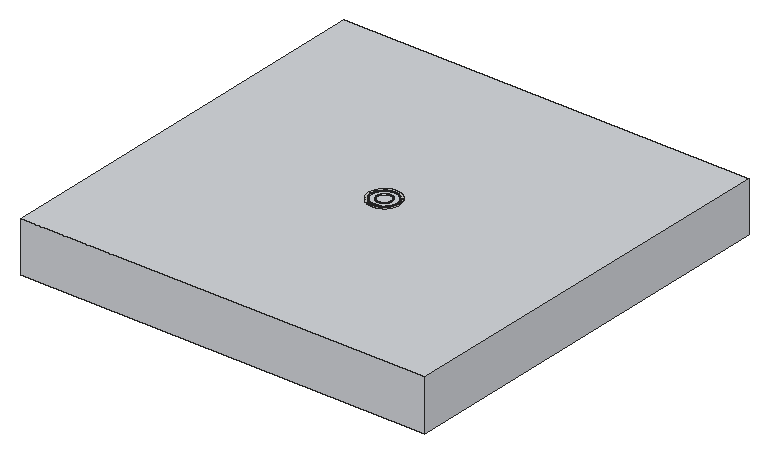
Revit family "LAMP_HANCE DOWNLIGHT RECESSED MEDIUM FLOOD 3000_4000 (DALI)", category Modelos genéricos, Revit 2015
Parameters (values of type "2744LM 4000K 3000 BLACK")
  Weight = 1.36 kg
  Aro 3000/4000 = yes
  Aro 1000/2000 = no
  Type = "COB PHILIPS"
  Tilting [instance] = if(Tilt < 0.00°, 180.00°, if(Tilt > 30.00°, 210.00°, Tilt + 180.00°))  # 180.00°
  Tilt [instance] = 0.00°
  Recessed diameter = 175 mm
  Protection rating = "IP20"
  Product datasheet = "http://www.lamp.es/product-files/TECH/HD1RE30MF840DBB-EN.pdf"
  Product code = "HD1RE30MF840DBB"
  Product URL = "https://www.lamp.es/en/family/hance-downlight_196363"
  Power Supply = "220-240V 50/60Hz"
  Power = 25 W
  Plum = 27.8 W
  Photometric web file = Cuerpo Hance BASE (tilting)_MF : 2744LM 4000K 3000 BLACK
  Modelo = Product code  # "HD1RE30MF840DBB"
  Model explanation = "Availability of tilting between 0º and 30º when placed in a project."
  Material interior aro = LAMP_Aluminio Hance Negro
  Material aro = LAMP_Aluminio Hance Negro
  Manufacturer name = "LAMP"
  Manufacturer country = "Spain"
  Manufacturer URL = "http://www.lamp.es/en"
  MacAdam = "3"
  Luminaire type = "Indoor - Recessed downlight"
  Last update = "22/11/2019"
  Lamp = "COB LED"
  LED Lifetime = "50.000 L80 B10"
  Insulation class = "II"
  Installation instructions = "https://www.lamp.es/product-files/INS/1004410-B-INSTR.%20DE%20MONTAJE%20HANCE%20DOWNLIGHT.pdf"
  Initial intensity = 2744 lm
  Initial color = 4000 K
  IEE = "A+"
  Gear = "Adjustable DALI"
  Finish = "Texturised black RAL 9011"
  Fabricante = Manufacturer name  # "LAMP"
  Default Elevation = 1219.2 mm
  Efficacy = 98.71 lm/W
  Radio aro exterior = 49 mm
  Diameter = 188 mm
  Descripción = "HANCE DOWN REC 3000 NW MFL DALI BK."
  Decorative ring [instance] = Aro decorativo 3000_4000 (tilting) : Black
  Comentarios de tipo = Model explanation  # "Availability of tilting between 0º and 30º when placed in a project."
  CRI = "80"
  Altura modulos = 145 mm
Types (8, lengths in mm): name | Product datasheet | Product code | Power | Plum | Photometric web file | Modelo | Material aro | Initial intensity | Initial color | Finish | Efficacy | Descripción
  2744LM 4000K 3000 BLACK | "http://www.lamp.es/product-files/TECH/HD1RE30MF840DBB-EN.pdf" | "HD1RE30MF840DBB" | 25 W | 27.8 W | Cuerpo Hance BASE (tilting)_MF : 2744LM 4000K 3000 BLACK | "HD1RE30MF840DBB" | LAMP_Aluminio Hance Negro | 2744 lm | 4000 K | "Texturised black RAL 9011" | 98.71 lm/W | "HANCE DOWN REC 3000 NW MFL DALI BK."
  2744LM 4000K 3000 WHITE | "http://www.lamp.es/product-files/TECH/HD1RE30MF840DBW-EN.pdf" | "HD1RE30MF840DBW" | 25 W | 27.8 W | Cuerpo Hance BASE (tilting)_MF : 2744LM 4000K 3000 WHITE | "HD1RE30MF840DBW" | LAMP_Aluminio Hance Blanco | 2744 lm | 4000 K | "Texturised white RAL 9010" | 98.71 lm/W | "HANCE DOWN REC 3000 NW MFL DALI WH."
  2816LM 3000K 3000 BLACK | "http://www.lamp.es/product-files/TECH/HD1RE30MF830DBB-EN.pdf" | "HD1RE30MF830DBB" | 25 W | 28.2 W | Cuerpo Hance BASE (tilting)_MF : 2816LM 3000K 3000 BLACK | "HD1RE30MF830DBB" | LAMP_Aluminio Hance Negro | 2816 lm | 3000 K | "Texturised black RAL 9011" | 99.85 lm/W | "HANCE DOWN REC 3000 WW MFL DALI BK."
  2816LM 3000K 3000 WHITE | "http://www.lamp.es/product-files/TECH/HD1RE30MF830DBW-EN.pdf" | "HD1RE30MF830DBW" | 25 W | 28.2 W | Cuerpo Hance BASE (tilting)_MF : 2816LM 3000K 3000 WHITE | "HD1RE30MF830DBW" | LAMP_Aluminio Hance Blanco | 2816 lm | 3000 K | "Texturised white RAL 9010" | 99.85 lm/W | "HANCE DOWN REC 3000 WW MFL DALI WH."
  3724LM 3000K 4000 BLACK | "http://www.lamp.es/product-files/TECH/HD1RE40MF830DBB-EN.pdf" | "HD1RE40MF830DBB" | 34 W | 37.6 W | Cuerpo Hance BASE (tilting)_MF : 3724LM 3000K 4000 BLACK | "HD1RE40MF830DBB" | LAMP_Aluminio Hance Negro | 3724 lm | 3000 K | "Texturised black RAL 9011" | 99.05 lm/W | "HANCE DOWN REC 4000 WW MFL DALI BK."
  3724LM 3000K 4000 WHITE | "http://www.lamp.es/product-files/TECH/HD1RE40MF830DBW-EN.pdf" | "HD1RE40MF830DBW" | 34 W | 37.6 W | Cuerpo Hance BASE (tilting)_MF : 3724LM 3000K 4000 WHITE | "HD1RE40MF830DBW" | LAMP_Aluminio Hance Blanco | 3724 lm | 3000 K | "Texturised white RAL 9010" | 99.05 lm/W | "HANCE DOWN REC 4000 WW MFL DALI WH."
  3875LM 4000K 4000 BLACK | "http://www.lamp.es/product-files/TECH/HD1RE40MF840DBB-EN.pdf" | "HD1RE40MF840DBB" | 34 W | 37.6 W | Cuerpo Hance BASE (tilting)_MF : 3875LM 4000K 4000 BLACK | "HD1RE40MF840DBB" | LAMP_Aluminio Hance Negro | 3875 lm | 4000 K | "Texturised black RAL 9011" | 103.06 lm/W | "HANCE DOWN REC 4000 NW MFL DALI BK."
  3875LM 4000K 4000 WHITE | "http://www.lamp.es/product-files/TECH/HD1RE40MF840DBW-EN.pdf" | "HD1RE40MF840DBW" | 34 W | 37.6 W | Cuerpo Hance BASE (tilting)_MF : 3875LM 4000K 4000 WHITE | "HD1RE40MF840DBW" | LAMP_Aluminio Hance Blanco | 3875 lm | 4000 K | "Texturised white RAL 9010" | 103.06 lm/W | "HANCE DOWN REC 4000 NW MFL DALI WH."
Reference planes
  plane 1 "Centro (Frontal/Posterior)": y = 0
  plane 2: z = 0
  plane 3 "Centro (Izquierda/Derecha)": x = 0
Forms (mm)
  Extrusion 1, solid
    sketch origin (0, 0, 0) x (1, 0, 0) y (0, 1, 0)
      loop
        line (-1219.2, 1219.2) -> (-1219.2, -1219.2) -> (1219.2, -1219.2) -> (1219.2, 1219.2) -> (-1219.2, 1219.2)
    from 0 to -304.8
  Revolve 2, solid, material "LAMP_Aluminio Hance Negro" <- "Material aro"
    sketch origin (0, 0, 0) x (1, 0, 0) y (0, 0, 1)
      loop
        line (94, 0) -> (94, 1) -> (79.1, 1) -> (79.1, -38.896) -> (87.1, -38.896) -> (87.1, -37.896) -> (81.6, -37.896) -> (81.6, 0) -> (94, 0)
      axis (0, 1) -> (0, -38.896)
    angle from 0 to 360
  Revolve 3, solid, material "LAMP_Aluminio Hance Negro" <- "Material interior aro", visible <- "Aro 3000/4000"
    sketch origin (0, 0, 0) x (1, 0, 0) y (0, 0, 1)
      loop
        arc (74.724, -0.646) -> (74.448, -1.016) -> (74.348, -1.466) r 1.1
        arc (74.348, -1.466) -> (72.204, -17.889) -> (66.127, -33.297) r 67.535
        arc (66.127, -33.297) -> (65.772, -33.665) -> (65.28, -33.8) r 0.965
        line (65.28, -33.8) -> (0, -33.8) -> (0, -34.8) -> (65.28, -34.8)
        arc (65.28, -34.8) -> (65.772, -34.665) -> (66.127, -34.297) r 0.965
        arc (66.127, -34.297) -> (72.204, -18.889) -> (74.348, -2.466) r 67.535
        arc (74.348, -2.466) -> (74.448, -2.016) -> (74.724, -1.646) r 1.1
        arc (74.724, -1.646) -> (76.762, -0.425) -> (79.1, 0) r 6.641
        line (79.1, 0) -> (79.1, 1)
        arc (79.1, 1) -> (76.762, 0.575) -> (74.724, -0.646) r 6.641
      axis (0, 1) -> (0, -34.8)
    angle from 0 to 360
  Extrusion 4, void
    sketch origin (0, 0, 0) x (1, 0, 0) y (0, 1, 0)
      loop
        line (22.671, 46.054) -> (-22.668, 46.054)
        arc (-22.668, 46.054) -> (-69.098, -0.376) -> (-22.668, -46.807) r 46.43
        line (-22.668, -46.807) -> (22.671, -46.807)
        arc (22.671, -46.807) -> (69.102, -0.376) -> (22.671, 46.054) r 46.43
    from -196.113 to 250
Cuts and joins
  Extrusion 4 cuts Revolve 3
Text (mm)
  text "Any modification of the parameters and properties of the LAMP BIM models must be executed and validated by the LAMP technical department.\n\nPhone: +34 93 736 68 00\n\nE-mail: lamp@lamp.es\n\n\n\nLAMP reserves the right to modify the technical specifications of its products." at (39771.841, -40794.867, 40621.237), in view "Preview"
Dimensions and locks
  aligned and locked: plane 2 to Extrusion 1
  aligned and locked: level to Extrusion 1
Nested families
  nested 1: "Aro decorativo 3000_4000 (tilting)" at (0, 0, -68.882) x (1, 0, 0) z (0, 0, -1), type <- "Decorative ring", type "Black"
    with Tilting 180.00°
  nested 2: "Cuerpo Hance BASE (tilting)_MF" at (0, 1.967, -51.662), type <- "Photometric web file", type "2744LM 4000K 3000 BLACK"
    with Tilting 180.00°
Definition of nested family "Aro decorativo 3000_4000 (tilting)"
  Parameters (values of type "Black")
    Weight (3000/4000) = 0.016 kg
    Weight (1000/2000) = 0.01 kg
    Tilting = 0.00°
    Product datasheet = ""
    Product code (3000/4000) = "HSRI90C"
    Product code (1000/2000) = "HSRI65C"
    Product URL = ""
    Model = ""
    Material aro = none
    Manufacturer name = "LAMP"
    Manufacturer country = "Spain"
    Manufacturer URL = "http://www.lamp.es/en"
    Longitud = 42.5 mm
    Last update = "21/05/2018"
    Installation instructions = ""
    Finish = "Metalized matt copper"
    Manufacturer = Manufacturer name  # "LAMP"
    Default Elevation = 1219.2 mm
    Diameter (3000/4000) = 90 mm
    Diameter (1000/2000) = 65 mm
    Description = ""
    Accessory Type = "Optic"
    3000/4000 Model = "HSRI90C"
    3000/4000 Description = "HANCE 3000/4000 ACC. RING DECO CO."
    1000/2000 Model = "HSRI65C"
    1000/2000 Description = "HANCE 1000/2000 ACC. RING DECO CO."
  Types (5, lengths in mm): name | Product code (3000/4000) | Product code (1000/2000) | Finish | 3000/4000 Model | 3000/4000 Description | 1000/2000 Model | 1000/2000 Description
    (no name) | "HSRI90C" | "HSRI65C" | "Metalized matt copper" | "HSRI90C" | "HANCE 3000/4000 ACC. RING DECO CO." | "HSRI65C" | "HANCE 1000/2000 ACC. RING DECO CO."
    Black | "HSRI90C" | "HSRI65C" | "Metalized matt copper" | "HSRI90C" | "HANCE 3000/4000 ACC. RING DECO CO." | "HSRI65C" | "HANCE 1000/2000 ACC. RING DECO CO."
    Copper | "HSRI90C" | "HSRI65C" | "Metalized matt copper" | "HSRI90C" | "HANCE 3000/4000 ACC. RING DECO CO." | "HSRI65C" | "HANCE 1000/2000 ACC. RING DECO CO."
    Grey | "HSRI90M" | "HSRI65M" | "Metalized matt silver" | "HSRI90M" | "HANCE 3000/4000 ACC. RING DECO MET." | "HSRI65M" | "HANCE 1000/2000 ACC. RING DECO MET."
    White | "HSRI90W" | "HSRI65W" | "Matt White" | "HSRI90W" | "HANCE 3000/4000 ACC. RING DECO WH." | "HSRI65W" | "HANCE 1000/2000 ACC. RING DECO WH."
  Reference planes
    plane 1 "Centro (Frontal/Posterior)": y = 0
    plane 2: z = 0
    plane 3 "Centro (Izquierda/Derecha)": x = 0
  Lines and regions (mm)
    reference lines
      curve 1: line (0, 0, 0) -> (0, 0, 80.8)
    model lines
      curve 2: line (68.747, 0, 0) -> (69.9, 0, 0)
  Text (mm)
    text "Any modification of the parameters and properties of the LAMP BIM models must be executed and validated by the LAMP technical department.\n\nPhone: +34 93 736 68 00\n\nE-mail: lamp@lamp.es\n\n\n\nLAMP reserves the right to modify the technical specifications of its products." at (86527.204, -96597.187, 50741.736), in view "Preview"
  Dimensions and locks
    "Tilting": angle curve 1 to plane 3 "Centro (Izquierda/Derecha)"
    aligned and locked: level to plane 2
    aligned and locked: plane 3 "Centro (Izquierda/Derecha)" to curve 1
    aligned and locked: plane 2 to curve 1
  Automatic sketch dimensions
    curve 2 to level = 0 mm
    plane 3 "Centro (Izquierda/Derecha)" to curve 2 = 68.747 mm
    curve 2 to curve 2 = 1.153 mm
  Nested families
    nested 1: "Aro decorativo 3000_4000" at (-27.9, 0, 17.2) x (0, 0, 1) z (-1, 0, 0), type "Copper"
  Definition of nested family "Aro decorativo 3000_4000"
    Parameters (values of type "Black")
      Weight (3000/4000) = 0.016 kg
      Weight (1000/2000) = 0.01 kg
      Product datasheet = ""
      Product code (3000/4000) = "HSRI90C"
      Product code (1000/2000) = "HSRI65C"
      Product URL = ""
      Model = ""
      Material aro = none
      Manufacturer name = "LAMP"
      Manufacturer country = "Spain"
      Manufacturer URL = "http://www.lamp.es/en"
      Longitud = 42.5 mm
      Last update = "21/05/2018"
      Installation instructions = ""
      Finish = "Metalized matt copper"
      Manufacturer = Manufacturer name  # "LAMP"
      Default Elevation = 1219.2 mm
      Diametro vaciado aro interior = if(Diametro aro interior = 35.4 mm, 34.4 mm, 21.9 mm)  # 34.4 mm
      Diametro vaciado aro exterior = if(Diametro aro exterior = 42.9 mm, 41.9 mm, 29.4 mm)  # 41.9 mm
      Diametro aro interior = if(Diametro aro exterior = 42.9 mm, 35.4 mm, 22.9 mm)  # 35.4 mm
      Diametro aro exterior = if(Longitud = 42.5 mm, 42.9 mm, 30.4 mm)  # 42.9 mm
      Diameter (3000/4000) = 90 mm
      Diameter (1000/2000) = 65 mm
      Description = ""
      Accessory Type = "Optic"
      3000/4000 Model = "HSRI90C"
      3000/4000 Description = "HANCE 3000/4000 ACC. RING DECO CO."
      1000/2000 Description = "HANCE 1000/2000 ACC. RING DECO CO."
      1000/2000 Model = "HSRI65C"
    Types (4, lengths in mm): name | Manufacturer URL
      Black | "http://www.lamp.es/en"
      Copper | "http://www.lamp.es/en"
      Grey | "http://www.lamp.es/en"
      White | ""
    Reference planes
      plane 1 "Centro (Frontal/Posterior)": y = 0
      plane 2: z = 0
      plane 3 "Centro (Izquierda/Derecha)": x = 0
    Forms (mm)
      Revolve 1, solid, material <- "Material aro"
        sketch origin (0, 0, -27.9) x (1, 0, 0) y (0, 0, 1)
          loop
            line (42.5, 0) -> (52.682, 0) -> (52.682, 42.9) -> (42.5, 35.4) -> (42.5, 0)
          axis (52.682, 0) -> (42.5, 0)
        angle from 0 to 360
      Revolve 2, void
        sketch origin (0, 0, -27.9) x (1, 0, 0) y (0, 0, 1)
          loop
            line (52.682, 41.9) -> (42.5, 34.4) -> (42.5, 0) -> (52.682, 0) -> (52.682, 41.9)
          axis (42.5, 0) -> (52.682, 0)
        angle from 0 to 360
    Cuts and joins
      Revolve 2 cuts Revolve 1
    Lines and regions (mm)
      reference lines
        curve 1: line (0, 0, -27.9) -> (42.5, 0, -27.9)
    Text (mm)
      text "Any modification of the parameters and properties of the LAMP BIM models must be executed and validated by the LAMP technical department.\n\nPhone: +34 93 736 68 00\n\nE-mail: lamp@lamp.es\n\n\n\nLAMP reserves the right to modify the technical specifications of its products." at (91886.357, -93022.329, 47898.266), in view "Preview"
    Dimensions and locks
      "Diametro aro exterior": Revolve 1 sketch curve to Revolve 1 sketch curve
      "Diametro vaciado aro exterior": Revolve 2 sketch curve to Revolve 2 sketch curve
      "Longitud": curve 1 to plane 3 "Centro (Izquierda/Derecha)"
      "Diametro aro interior": Revolve 1 sketch curve to Revolve 1 sketch curve
      "Diametro vaciado aro interior": Revolve 2 sketch curve to Revolve 2 sketch curve
      aligned and locked: level to plane 2
    Automatic sketch dimensions
      Revolve 1 sketch curve to curve 1 = 0 mm  (x4)
      curve 1 to Revolve 1 sketch curve = 10.182 mm
      Revolve 1 sketch curve to Revolve 1 sketch curve = 0 mm
      Revolve 2 sketch curve to curve 1 = 0 mm  (x3)
      curve 1 to Revolve 2 sketch curve = 10.182 mm
      Revolve 2 sketch curve to curve 1 = 1261.008 mm
      Revolve 2 sketch curve to Revolve 2 sketch curve = 1898.983 mm
      curve 1 to plane 3 "Centro (Izquierda/Derecha)" = 0 mm
      curve 1 to level = 27.9 mm
Definition of nested family "Cuerpo Hance BASE (tilting)_MF"
  Parameters (values of type "2744LM 4000K 3000 BLACK")
    Tilting = 90.00°
    Photometric web file = Cuerpo Hance BASE_MF : 2744LM 4000K 3000 BLACK
    Default Elevation = 1219.2 mm
  Types (17, lengths in mm): name | Photometric web file
    (no name) | Cuerpo Hance BASE_MF : 2744LM 4000K 3000 BLACK
    740LM 4000K 1000 BLACK | Cuerpo Hance BASE_MF : 740LM 4000K 1000 BLACK
    740LM 4000K 1000 WHITE | Cuerpo Hance BASE_MF : 740LM 4000K 1000 WHITE
    806LM 3000K 1000 BLACK | Cuerpo Hance BASE_MF : 806LM 3000K 1000 BLACK
    806LM 3000K 1000 WHITE | Cuerpo Hance BASE_MF : 806LM 3000K 1000 WHITE
    1606LM 4000K 2000 BLACK | Cuerpo Hance BASE_MF : 1606LM 4000K 2000 BLACK
    1606LM 4000K 2000 WHITE | Cuerpo Hance BASE_MF : 1606LM 4000K 2000 WHITE
    1760LM 3000K 2000 BLACK | Cuerpo Hance BASE_MF : 1760LM 3000K 2000 BLACK
    1760LM 3000K 2000 WHITE | Cuerpo Hance BASE_MF : 1760LM 3000K 2000 WHITE
    2744LM 4000K 3000 BLACK | Cuerpo Hance BASE_MF : 2744LM 4000K 3000 BLACK
    2744LM 4000K 3000 WHITE | Cuerpo Hance BASE_MF : 2744LM 4000K 3000 WHITE
    2816LM 3000K 3000 BLACK | Cuerpo Hance BASE_MF : 2816LM 3000K 3000 BLACK
    2816LM 3000K 3000 WHITE | Cuerpo Hance BASE_MF : 2816LM 3000K 3000 WHITE
    3724LM 3000K 4000 BLACK | Cuerpo Hance BASE_MF : 3724LM 3000K 4000 BLACK
    3724LM 3000K 4000 WHITE | Cuerpo Hance BASE_MF : 3724LM 3000K 4000 WHITE
    3875LM 4000K 4000 BLACK | Cuerpo Hance BASE_MF : 3875LM 4000K 4000 BLACK
    3875LM 4000K 4000 WHITE | Cuerpo Hance BASE_MF : 3875LM 4000K 4000 WHITE
  Reference planes
    plane 1 "Centro (Frontal/Posterior)": y = 0
    plane 2: z = 0
    plane 3 "Centro (Izquierda/Derecha)": x = 0
  Lines and regions (mm)
    reference lines
      curve 1: line (0, 0, 0) -> (200, 0, 0)
  Dimensions and locks
    "Tilting": angle plane 3 "Centro (Izquierda/Derecha)" to curve 1
    aligned and locked: level to plane 2
    aligned and locked: plane 3 "Centro (Izquierda/Derecha)" to curve 1
    aligned and locked: plane 2 to curve 1
  Nested families
    nested 1: "Cuerpo Hance BASE_MF" at (-50.338, -1.967, 27.875), type <- "Photometric web file", type "2744LM 4000K 3000 BLACK"
  Definition of nested family "Cuerpo Hance BASE_MF"
    Parameters (values of type "740LM 4000K 1000 BLACK")
      Tilt Angle = 90.00° + Tilting  # 180.00°
      Wattage = 7.6 W
      Tilting = 90.00°
      built-in parameter 1150107 = 4000 (stored number, unit not read)
      Radio vacio posterior = Radio cuerpo - 2.2 mm  # 30.3 mm
      Radio vaciado = Radio cuerpo - 1.5 mm  # 31 mm
      Radio cuerpo = if(Longitud cuerpo = 145 mm, 45 mm, 32.5 mm)  # 32.5 mm
      built-in parameter 1150110 = 1 (stored number, unit not read)
      built-in parameter 1150109 = 1 (stored number, unit not read)
      built-in parameter 1150112 = 1 (stored number, unit not read)
      built-in parameter 1150113 = 1 (stored number, unit not read)
      built-in parameter 1114218 = 1 (stored number, unit not read)
      built-in parameter 1150137 = (empty or 0)
      built-in parameter 1150132 = 2
      Material reflector = none
      Material cuerpo = none
      Material COB = none
      Longitud cuerpo = 100 mm
      Long. origen luz = if(Longitud cuerpo = 100 mm, 20 mm, if(Longitud cuerpo = 170 mm, 55 mm, 90 mm))  # 20 mm
      L_3 = if(Ancho disipador posterior = 80.4 mm, 39.6 mm, 12 mm)  # 12 mm
      L_2 = if(Ancho disipador posterior = 80.4 mm, 36.3 mm, 22.6 mm)  # 22.6 mm
      L_1 = if(Ancho disipador posterior = 80.4 mm, 36.8 mm, 25.4 mm)  # 25.4 mm
      built-in parameter 1150105 = 2444 (stored number, unit not read)
      built-in parameter 1150102 = (empty or 0)
      built-in parameter 1150106 = 24.44 (stored number, unit not read)
      Lumens = 740.012 lm
      Color Filter = 16777215
      built-in parameter 1114217 = 1 (stored number, unit not read)
      built-in parameter 1150139 = (empty or 0)
      Default Elevation = 1219.2 mm
      built-in parameter 1150104 = 9.046 (stored number, unit not read)
      Diametro aro = if(Radio cuerpo = 45 mm, 42.9 mm, 30.4 mm)  # 30.4 mm
      built-in parameter 1150115 = 1 (stored number, unit not read)
      built-in parameter 1150114 = 1 (stored number, unit not read)
      built-in parameter 1150138 = (empty or 0)
      built-in parameter 1150134 = 12
      Dimming Lamp Color Temperature Shift = (empty or 0)
      Photometric Web File = "HD1RE10MF840NBB.IES"
      Ancho vaciado reflector = if(Radio cuerpo = 45 mm, 34.4 mm, 21.9 mm)  # 21.9 mm
      Ancho reflector = if(Radio cuerpo = 45 mm, 35.4 mm, 22.9 mm)  # 22.9 mm
      Ancho disipador posterior = if(Radio cuerpo = 32.5 mm, 53 mm, 80.4 mm)  # 53 mm
      built-in parameter 1150133 = 10 (stored number, unit not read)
      Altura disipador superior = if(Radio cuerpo = 45 mm, 23.9 mm, 36.9 mm)  # 36.9 mm
      Ancho disipador superior = if(Radio cuerpo = 45 mm, 28 mm, 22.6 mm)  # 22.6 mm
    Types (16, lengths in mm): name | Wattage | built-in parameter 1150107 | Radio vacio posterior | Radio vaciado | Radio cuerpo | Longitud cuerpo | Long. origen luz | L_3 | L_2 | L_1 | built-in parameter 1150105 | built-in parameter 1150106 | Lumens | built-in parameter 1150104 | Diametro aro | built-in parameter 1150134 | Photometric Web File | Ancho vaciado reflector | Ancho reflector | Ancho disipador posterior | Altura disipador superior | Ancho disipador superior
      740LM 4000K 1000 BLACK | 7.6 W | 4000 (stored number, unit not read) | 30.3 | 31 | 32.5 | 100 | 20 | 12 | 22.6 | 25.4 | 2444 (stored number, unit not read) | 24.44 (stored number, unit not read) | 740.012 lm | 9.046 (stored number, unit not read) | 30.4 | 12 | "HD1RE10MF840NBB.IES" | 21.9 | 22.9 | 53 | 36.9 | 22.6
      740LM 4000K 1000 WHITE | 7.6 W | 4000 (stored number, unit not read) | 30.3 | 31 | 32.5 | 100 | 20 | 12 | 22.6 | 25.4 | 2444 (stored number, unit not read) | 24.44 (stored number, unit not read) | 740.012 lm | 9.046 (stored number, unit not read) | 30.4 | 12 | "HD1RE10MF840NBW.IES" | 21.9 | 22.9 | 53 | 36.9 | 22.6
      806LM 3000K 1000 BLACK | 7.7 W | 3000 (stored number, unit not read) | 30.3 | 31 | 32.5 | 100 | 20 | 12 | 22.6 | 25.4 | 2662.5 (stored number, unit not read) | 26.625 (stored number, unit not read) | 806.19 lm | 9.7269 (stored number, unit not read) | 30.4 | (empty or 0) | "HD1RE10MF830NBB.IES" | 21.9 | 22.9 | 53 | 36.9 | 22.6
      806LM 3000K 1000 WHITE | 7.7 W | 3000 (stored number, unit not read) | 30.3 | 31 | 32.5 | 100 | 20 | 12 | 22.6 | 25.4 | 2662.5 (stored number, unit not read) | 26.625 (stored number, unit not read) | 806.19 lm | 9.7269 (stored number, unit not read) | 30.4 | (empty or 0) | "HD1RE10MF830NBW.IES" | 21.9 | 22.9 | 53 | 36.9 | 22.6
      1606LM 4000K 2000 BLACK | 20.6 W | 4000 (stored number, unit not read) | 30.3 | 31 | 32.5 | 100 | 20 | 12 | 22.6 | 25.4 | 5303.9 (stored number, unit not read) | 53.039 (stored number, unit not read) | 1605.98 lm | 7.2427 (stored number, unit not read) | 30.4 | 12 | "HD1RE20MF840NBB.IES" | 21.9 | 22.9 | 53 | 36.9 | 22.6
      1606LM 4000K 2000 WHITE | 20.6 W | 4000 (stored number, unit not read) | 30.3 | 31 | 32.5 | 100 | 20 | 12 | 22.6 | 25.4 | 5303.9 (stored number, unit not read) | 53.039 (stored number, unit not read) | 1605.98 lm | 7.2427 (stored number, unit not read) | 30.4 | 12 | "HD1RE20MF840NBW.IES" | 21.9 | 22.9 | 53 | 36.9 | 22.6
      1760LM 3000K 2000 BLACK | 20.7 W | 3000 (stored number, unit not read) | 30.3 | 31 | 32.5 | 100 | 20 | 12 | 22.6 | 25.4 | 5818.7 (stored number, unit not read) | 58.187 (stored number, unit not read) | 1759.71 lm | 7.8977 (stored number, unit not read) | 30.4 | (empty or 0) | "HD1RE20MF830NBB.IES" | 21.9 | 22.9 | 53 | 36.9 | 22.6
      1760LM 3000K 2000 WHITE | 20.7 W | 3000 (stored number, unit not read) | 30.3 | 31 | 32.5 | 100 | 20 | 12 | 22.6 | 25.4 | 5818.7 (stored number, unit not read) | 58.187 (stored number, unit not read) | 1759.71 lm | 7.8977 (stored number, unit not read) | 30.4 | (empty or 0) | "HD1RE20MF830NBW.IES" | 21.9 | 22.9 | 53 | 36.9 | 22.6
      2744LM 4000K 3000 BLACK | 27.8 W | 4000 (stored number, unit not read) | 42.8 | 43.5 | 45 | 145 | 90 | 39.6 | 36.3 | 36.8 | 9073.9 (stored number, unit not read) | 90.739 (stored number, unit not read) | 2744.14 lm | 9.1705 (stored number, unit not read) | 42.9 | 12 | "HD1RE30MF840NBB.IES" | 34.4 | 35.4 | 80.4 | 23.9 | 28
      2744LM 4000K 3000 WHITE | 27.8 W | 4000 (stored number, unit not read) | 42.8 | 43.5 | 45 | 145 | 90 | 39.6 | 36.3 | 36.8 | 9073.9 (stored number, unit not read) | 90.739 (stored number, unit not read) | 2744.14 lm | 9.1705 (stored number, unit not read) | 42.9 | 12 | "HD1RE30MF840NBW.IES" | 34.4 | 35.4 | 80.4 | 23.9 | 28
      2816LM 3000K 3000 BLACK | 28.2 W | 3000 (stored number, unit not read) | 42.8 | 43.5 | 45 | 145 | 90 | 39.6 | 36.3 | 36.8 | 12461.1 (stored number, unit not read) | 124.61 (stored number, unit not read) | 2815.77 lm | 9.2764 (stored number, unit not read) | 42.9 | (empty or 0) | "HD1RE30MF830NBB.IES" | 34.4 | 35.4 | 80.4 | 23.9 | 28
      2816LM 3000K 3000 WHITE | 28.2 W | 3000 (stored number, unit not read) | 42.8 | 43.5 | 45 | 145 | 90 | 39.6 | 36.3 | 36.8 | 12461.1 (stored number, unit not read) | 124.61 (stored number, unit not read) | 2815.77 lm | 9.2764 (stored number, unit not read) | 42.9 | (empty or 0) | "HD1RE30MF830NBW.IES" | 34.4 | 35.4 | 80.4 | 23.9 | 28
      3724LM 3000K 4000 BLACK | 37.6 W | 3000 (stored number, unit not read) | 42.8 | 43.5 | 45 | 145 | 90 | 39.6 | 36.3 | 36.8 | 16481.7 (stored number, unit not read) | 164.82 (stored number, unit not read) | 3724.28 lm | 9.202 (stored number, unit not read) | 42.9 | (empty or 0) | "HD1RE40MF830NBB.IES" | 34.4 | 35.4 | 80.4 | 23.9 | 28
      3724LM 3000K 4000 WHITE | 37.6 W | 3000 (stored number, unit not read) | 42.8 | 43.5 | 45 | 145 | 90 | 39.6 | 36.3 | 36.8 | 16481.7 (stored number, unit not read) | 164.82 (stored number, unit not read) | 3724.28 lm | 9.202 (stored number, unit not read) | 42.9 | (empty or 0) | "HD1RE40MF830NBW.IES" | 34.4 | 35.4 | 80.4 | 23.9 | 28
      3875LM 4000K 4000 BLACK | 37.6 W | 4000 (stored number, unit not read) | 42.8 | 43.5 | 45 | 145 | 90 | 39.6 | 36.3 | 36.8 | 15793 (stored number, unit not read) | 157.93 (stored number, unit not read) | 3875.06 lm | 9.5746 (stored number, unit not read) | 42.9 | 12 | "HD1RE40MF840NBB.IES" | 34.4 | 35.4 | 80.4 | 23.9 | 28
      3875LM 4000K 4000 WHITE | 37.6 W | 4000 (stored number, unit not read) | 42.8 | 43.5 | 45 | 145 | 90 | 39.6 | 36.3 | 36.8 | 15793 (stored number, unit not read) | 157.93 (stored number, unit not read) | 3875.06 lm | 9.5746 (stored number, unit not read) | 42.9 | 12 | "HD1RE40MF840NBW.IES" | 34.4 | 35.4 | 80.4 | 23.9 | 28
    Reference planes
      plane 1 "Centro (Frontal/Posterior)": y = 0
      plane 2: z = 0
      plane 3 "Centro (Izquierda/Derecha)": x = 0
    Forms (mm)
      Extrusion 1, solid, material <- "Material cuerpo"
        sketch origin (0, 0, 0) x (0, -1, 0) y (0, 0, 1)
          loop
            circle (0, -27.875) r 32.5
        from -58 to 42
      Extrusion 2, void
        sketch origin (0, 0, 0) x (0, 1, 0) y (0, 0, 1)
          loop
            line (11.3, 30) -> (-11.3, 30) -> (-11.3, -6.9)
            arc (-11.3, -6.9) -> (0, -7.855) -> (11.3, -6.9) r 67.349
            line (11.3, -6.9) -> (11.3, 30)
        from -42 to 9.4
      Extrusion 3, void
        sketch origin (0, 0, 0) x (0, 1, 0) y (0, 0, 1)
          loop
            circle (0, -27.875) r 30.3
        from -42 to -41
      Extrusion 4, void
        sketch origin (0, 0, 0) x (0, 1, 0) y (0, 0, 1)
          loop
            line (26.5, -26.291) -> (-26.5, -26.291)
            arc (-26.5, -26.291) -> (-27.7, -27.491) -> (-26.5, -28.691) r 1.2
            line (-26.5, -28.691) -> (26.5, -28.691)
            arc (26.5, -28.691) -> (27.7, -27.491) -> (26.5, -26.291) r 1.2
          loop
            line (26.115, -30.891) -> (-26.115, -30.891)
            arc (-26.115, -30.891) -> (-27.315, -32.091) -> (-26.115, -33.291) r 1.2
            line (-26.115, -33.291) -> (26.115, -33.291)
            arc (26.115, -33.291) -> (27.315, -32.091) -> (26.115, -30.891) r 1.2
          loop
            line (25.4, -35.55) -> (-24.915, -35.55)
            arc (-24.915, -35.55) -> (-26.115, -36.75) -> (-24.915, -37.95) r 1.2
            line (-24.915, -37.95) -> (25.4, -37.95)
            arc (25.4, -37.95) -> (26.6, -36.75) -> (25.4, -35.55) r 1.2
          loop
            line (22.6, -40.091) -> (-22.64, -40.091)
            arc (-22.64, -40.091) -> (-23.84, -41.291) -> (-22.64, -42.491) r 1.2
            line (-22.64, -42.491) -> (22.6, -42.491)
            arc (22.6, -42.491) -> (23.8, -41.291) -> (22.6, -40.091) r 1.2
          loop
            line (19.043, -44.691) -> (-19.086, -44.691)
            arc (-19.086, -44.691) -> (-20.286, -45.891) -> (-19.086, -47.091) r 1.2
            line (-19.086, -47.091) -> (19.043, -47.091)
            arc (19.043, -47.091) -> (20.243, -45.891) -> (19.043, -44.691) r 1.2
          loop
            line (15.357, -49.291) -> (-15.5, -49.291)
            arc (-15.5, -49.291) -> (-16.6, -50.391) -> (-15.5, -51.491) r 1.1
            line (-15.5, -51.491) -> (15.357, -51.491)
            arc (15.357, -51.491) -> (16.457, -50.391) -> (15.357, -49.291) r 1.1
          loop
            line (6, -53.691) -> (-6, -53.691)
            arc (-6, -53.691) -> (-7.1, -54.791) -> (-6, -55.891) r 1.1
            line (-6, -55.891) -> (6, -55.891)
            arc (6, -55.891) -> (7.1, -54.791) -> (6, -53.691) r 1.1
        from -42 to -38.7
      Extrusion 5, void
        sketch origin (0, 0, 0) x (-1, 0, 0) y (0, -1, 0)
          loop
            line (37.7, -9.12) -> (37.7, 9.12)
            arc (37.7, 9.12) -> (36.6, 10.22) -> (35.5, 9.12) r 1.1
            line (35.5, 9.12) -> (35.5, -9.12)
            arc (35.5, -9.12) -> (36.6, -10.22) -> (37.7, -9.12) r 1.1
          loop
            line (28.9, -9.12) -> (28.9, 9.12)
            arc (28.9, 9.12) -> (27.8, 10.22) -> (26.7, 9.12) r 1.1
            line (26.7, 9.12) -> (26.7, -9.12)
            arc (26.7, -9.12) -> (27.8, -10.22) -> (28.9, -9.12) r 1.1
          loop
            line (20.1, -9.12) -> (20.1, 9.12)
            arc (20.1, 9.12) -> (19, 10.22) -> (17.9, 9.12) r 1.1
            line (17.9, 9.12) -> (17.9, -9.12)
            arc (17.9, -9.12) -> (19, -10.22) -> (20.1, -9.12) r 1.1
        from -51.491 to 30
      Extrusion 6, void
        sketch origin (0, 0, 0) x (-1, 0, 0) y (0, -1, 0)
          loop
            line (33.3, -9.12) -> (33.3, 9.12)
            arc (33.3, 9.12) -> (32.2, 10.22) -> (31.1, 9.12) r 1.1
            line (31.1, 9.12) -> (31.1, -9.12)
            arc (31.1, -9.12) -> (32.2, -10.22) -> (33.3, -9.12) r 1.1
          loop
            line (24.5, -9.12) -> (24.5, 9.12)
            arc (24.5, 9.12) -> (23.4, 10.22) -> (22.3, 9.12) r 1.1
            line (22.3, 9.12) -> (22.3, -9.12)
            arc (22.3, -9.12) -> (23.4, -10.22) -> (24.5, -9.12) r 1.1
        from -8.232 to 30
      Extrusion 7, void
        sketch origin (0, 0, 0) x (0, 1, 0) y (0, 0, 1)
          loop
            circle (0, -27.875) r 31
        from 17.213 to 58
      Revolve 8, solid, material <- "Material reflector"
        sketch origin (0, 0, 0) x (1, 0, 0) y (0, 0, 1)
          loop
            line (25.5, -27.875) -> (45.818, -27.875) -> (45.818, -4.975) -> (25.5, -19.875) -> (25.5, -27.875)
          axis (25.5, -27.875) -> (45.818, -27.875)
        angle from 0 to 360
      Revolve 9, void
        sketch origin (0, 0, 0) x (1, 0, 0) y (0, 0, 1)
          loop
            line (45.818, -5.975) -> (26.5, -20.142) -> (25.5, -20.142) -> (25.5, -27.875) -> (26.5, -27.875) -> (45.818, -27.875) -> (45.818, -5.975)
          axis (45.818, -27.875) -> (25.5, -27.875)
        angle from 0 to 360
      Extrusion 10, solid, material <- "Material COB"
        sketch origin (0, 0, 0) x (0, -1, 0) y (0, 0, 1)
          loop
            circle (0, -27.875) r 7.733
        from -26.5 to -25.5
    Cuts and joins
      Extrusion 2, Extrusion 3, Extrusion 4, Extrusion 5, Extrusion 6, Extrusion 7 cuts Extrusion 1
      Revolve 9 cuts Revolve 8
    Lines and regions (mm)
      reference lines
        curve 1: line (0, 0, 0) -> (178.042, 0, 0)
        curve 2: line (93, 0, -27.875) -> (113, 0, -27.875)
        curve 3: line (0, 0, 0) -> (0, 0, -75)
        curve 4: line (93, 0, -22.875) -> (93, 0, -32.875)
    Text (mm)
      text "Any modification of the parameters and properties of the LAMP BIM models must be executed and validated by the LAMP technical department.\n\nPhone: +34 93 736 68 00\n\nE-mail: lamp@lamp.es\n\n\n\nLAMP reserves the right to modify the technical specifications of its products." at (97482.136, -81600.41, 57308.082), in view "Preview"
    Dimensions and locks
      locked: Revolve 9 sketch curve to cut or joined group of Extrusion 1, Extrusion 2, Extrusion 3, Extrusion 4, Extrusion 5, Extrusion 6, Extrusion 7 at 12.182
      "Longitud cuerpo": cut or joined group of Extrusion 1, Extrusion 2, Extrusion 3, Extrusion 4, Extrusion 5, Extrusion 6, Extrusion 7 to cut or joined group of Extrusion 1, Extrusion 2, Extrusion 3, Extrusion 4, Extrusion 5, Extrusion 6, Extrusion 7
      locked: cut or joined group of Extrusion 1, Extrusion 2, Extrusion 3, Extrusion 4, Extrusion 5, Extrusion 6, Extrusion 7 to curve 3 at 42
      locked: cut or joined group of Revolve 8, Revolve 9 to cut or joined group of Extrusion 1, Extrusion 2, Extrusion 3, Extrusion 4, Extrusion 5, Extrusion 6, Extrusion 7 at 12.182
      locked: cut or joined group of Revolve 8, Revolve 9 to cut or joined group of Revolve 8, Revolve 9 at 20.318
      locked: cut or joined group of Extrusion 1, Extrusion 2, Extrusion 3, Extrusion 4, Extrusion 5, Extrusion 6, Extrusion 7 to Extrusion 10 at 31.5
      locked: Extrusion 10 to Extrusion 10 at 1
      "Long. origen luz": curve 4 to curve 2
      equal spacing: Extrusion 4 sketch curve, plane 1 "Centro (Frontal/Posterior)", Extrusion 4 sketch curve  (x2)
      "Ancho disipador posterior": Extrusion 4 sketch curve to Extrusion 4 sketch curve
      "L_1": Extrusion 4 sketch curve to plane 1 "Centro (Frontal/Posterior)"
      "L_2": Extrusion 4 sketch curve to curve 3
      "L_3": Extrusion 4 sketch curve to Extrusion 4 sketch curve
      equal spacing: Extrusion 2 sketch curve, plane 1 "Centro (Frontal/Posterior)", Extrusion 2 sketch curve
      "Ancho disipador superior": Extrusion 2 sketch curve to Extrusion 2 sketch curve
      "Altura disipador superior": Extrusion 2 sketch curve to Extrusion 2 sketch curve
      locked: plane 2 to Extrusion 2 sketch curve at 30
      "Ancho reflector": Revolve 8 sketch curve to imposter light
      "Ancho vaciado reflector": Revolve 9 sketch curve to imposter light
      "Radio cuerpo": radius of Extrusion 1 sketch curve
      "Radio vaciado": radius of Extrusion 7 sketch curve
      "Radio vacio posterior": radius of Extrusion 3 sketch curve
      "Tilting": angle plane 3 "Centro (Izquierda/Derecha)" to curve 1
      aligned and locked: level to plane 2
      aligned and locked: imposter light to curve 2  (x2)
      aligned and locked: cut or joined group of Extrusion 1, Extrusion 2, Extrusion 3, Extrusion 4, Extrusion 5, Extrusion 6, Extrusion 7 to cut or joined group of Extrusion 1, Extrusion 2, Extrusion 3, Extrusion 4, Extrusion 5, Extrusion 6, Extrusion 7
    Automatic sketch dimensions
      curve 1 to Extrusion 5 sketch curve = 17.9 mm
      Extrusion 5 sketch curve to Extrusion 5 sketch curve = 1.1 mm  (x3)
      Extrusion 5 sketch curve to Extrusion 5 sketch curve = 6.6 mm  (x2)
      Extrusion 5 sketch curve to curve 1 = 9.12 mm  (x2)
      Extrusion 5 sketch curve to Extrusion 5 sketch curve = 0 mm  (x3)
      curve 1 to Extrusion 5 sketch curve = 9.12 mm
      curve 1 to Extrusion 6 sketch curve = 22.3 mm
      Extrusion 6 sketch curve to Extrusion 6 sketch curve = 1.1 mm  (x2)
      Extrusion 6 sketch curve to Extrusion 6 sketch curve = 6.6 mm
      Extrusion 6 sketch curve to curve 1 = 9.12 mm
      Extrusion 6 sketch curve to Extrusion 6 sketch curve = 0 mm  (x2)
      curve 1 to Extrusion 6 sketch curve = 9.12 mm
      Extrusion 10 sketch curve to plane 1 "Centro (Frontal/Posterior)" = 0 mm
      Extrusion 1 sketch curve to plane 1 "Centro (Frontal/Posterior)" = 0 mm
      Extrusion 1 sketch curve to level = 27.875 mm
      Extrusion 2 sketch curve to plane 1 "Centro (Frontal/Posterior)" = 0 mm
      Extrusion 2 sketch curve to Extrusion 2 sketch curve = 29.494 mm
      Extrusion 3 sketch curve to plane 1 "Centro (Frontal/Posterior)" = 0 mm
      Extrusion 3 sketch curve to level = 27.875 mm
      Extrusion 4 sketch curve to Extrusion 4 sketch curve = 0.385 mm  (x2)
      Extrusion 4 sketch curve to Extrusion 4 sketch curve = 1.2 mm  (x6)
      Extrusion 4 sketch curve to Extrusion 4 sketch curve = 2.276 mm
      Extrusion 4 sketch curve to Extrusion 4 sketch curve = 3.554 mm
      Extrusion 4 sketch curve to Extrusion 4 sketch curve = 3.586 mm
      Extrusion 4 sketch curve to Extrusion 4 sketch curve = 9.357 mm
      Extrusion 4 sketch curve to Extrusion 4 sketch curve = 3.557 mm
      Extrusion 4 sketch curve to level = 55.891 mm
      Extrusion 4 sketch curve to Extrusion 4 sketch curve = 1.1 mm  (x2)
      Extrusion 4 sketch curve to Extrusion 4 sketch curve = 2.2 mm  (x4)
      Extrusion 4 sketch curve to Extrusion 4 sketch curve = 2.141 mm
      Extrusion 4 sketch curve to Extrusion 4 sketch curve = 2.259 mm
      Extrusion 7 sketch curve to plane 1 "Centro (Frontal/Posterior)" = 0 mm
      Extrusion 7 sketch curve to level = 27.875 mm
      curve 1 to Revolve 8 sketch curve = 25.5 mm
      Revolve 8 sketch curve to Revolve 8 sketch curve = 20.318 mm
      curve 1 to Revolve 8 sketch curve = 19.875 mm
      Revolve 8 sketch curve to Revolve 8 sketch curve = 8 mm
      Revolve 8 sketch curve to Revolve 8 sketch curve = 0 mm  (x2)
      Revolve 8 sketch curve to Revolve 8 sketch curve = 9.682 mm
      Revolve 9 sketch curve to Revolve 9 sketch curve = 19.318 mm
      Revolve 9 sketch curve to Revolve 9 sketch curve = 0 mm  (x3)
      Revolve 9 sketch curve to Revolve 9 sketch curve = 1 mm
      curve 1 to Revolve 9 sketch curve = 20.142 mm
      Revolve 9 sketch curve to Revolve 9 sketch curve = 7.733 mm
      Revolve 9 sketch curve to Revolve 9 sketch curve = 9.682 mm
      curve 1 to level = 0 mm
      curve 1 to plane 3 "Centro (Izquierda/Derecha)" = 0 mm
      curve 3 to curve 1 = 0 mm  (x2)
      curve 3 to curve 1 = 75 mm
      curve 1 to curve 4 = 32.875 mm
      curve 4 to curve 1 = 85.042 mm
      curve 4 to curve 2 = 5 mm
      curve 2 to curve 4 = 5 mm
      radius of Extrusion 10 sketch curve = 7.733 mm
